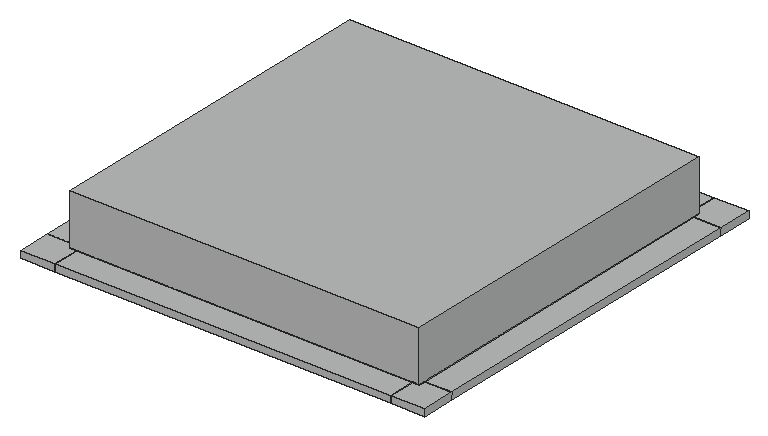
Revit family "ALUMOGIPS", category Осветительные приборы, Revit 2019 (continued)
Types (72, lengths in mm): name | Файл фотометрической сетки | built-in parameter 1150105 | Lumens | built-in parameter 1150106 | built-in parameter 1150142 | Wattage | Emit from Rectangle Width | Emit from Rectangle Length | Длина | Материал светильника | Ширина | ADSK_Ток | ADSK_Полная мощность | ADSK_Обозначение | ADSK_Номинальная мощность | ADSK_Наименование | ADSK_Масса | ADSK_Код изделия
    93 0.493 0.493 0.395 0.395 0.395 0.395 0.395 0.395 0.395 0.395 0.296 0.296 0.296 0.296 0.296 0.296 0.296 0.296 0.197 \r\n0.197 0.197 0.197 0.197 0.197 0.197 0.197 0.098 0.098 0.098 0.098 0.098 0.098 0.098 0.098 0.000 0.000 0.000 0.000 \r\n1417.637 1417.341 1414.085 1408.658 1400.568 1390.010 1377.085 1361.002 1342.947 1322.522 1300.026 1275.261 1248.621 1220.205 1189.817 1157.849 1124.598 1089.670 \r\n1053.460 1016.065 977.881 938.119 898.060 856.917 815.575 773.149 730.722 687.901 644.390 600.877 557.168 513.262 470.046 426.534 383.121 340.497 298.761 257.814 218.151 179.473 \r\n140.501 105.672 72.816 41.835 13.714 0.592 0.592 0.493 0.493 0.493 0.493 0.493 0.493 0.493 0.493 0.395 0.395 0.395 0.395 0.395 0.395 0.395 0.395 0.296 0.296 0.296 0.296 0.296 0.296 0.296 0.296 0.197 \r\n0.197 0.197 0.197 0.197 0.197 0.197 0.197 0.098 0.098 0.098 0.098 0.098 0.098 0.098 0.098 0.000 0.000 0.000 0.000 \r\n1417.637 1417.439 1414.183 1408.855 1400.765 1390.306 1377.381 1361.397 1343.341 1323.015 1300.520 1275.656 1249.114 1220.699 1190.408 1158.440 1125.190 1090.262 \r\n1054.151 1016.755 978.473 938.809 898.750 857.607 816.266 773.839 731.413 688.592 645.080 601.469 557.859 513.854 470.638 427.126 383.615 340.990 299.254 258.209 218.546 179.770 \r\n140.896 105.967 73.013 42.031 13.912 0.592 0.592 0.493 0.493 0.493 0.493 0.493 0.493 0.493 0.493 0.395 0.395 0.395 0.395 0.395 0.395 0.395 0.395 0.296 0.296 0.296 0.296 0.296 0.296 0.296 0.296 0.197 \r\n0.197 0.197 0.197 0.197 0.197 0.197 0.197 0.098 0.098 0.098 0.098 0.098 0.098 0.098 0.098 0.000 0.000 0.000 0.000 \r\n1417.637 1417.439 1414.282 1408.954 1400.963 1390.603 1377.677 1361.792 1343.735 1323.410 1301.014 1276.149 1249.608 1221.291 1191.000 1159.032 1125.782 1090.953 \r\n1054.841 1017.446 979.164 939.500 899.442 858.298 816.957 774.530 732.103 689.184 645.672 602.160 558.451 514.446 471.230 427.619 384.108 341.484 299.649 258.604 218.940 180.165 \r\n141.191 106.264 73.309 42.229 14.208 0.592 0.592 0.493 0.493 0.493 0.493 0.493 0.493 0.493 0.493 0.395 0.395 0.395 0.395 0.395 0.395 0.395 0.395 0.296 0.296 0.296 0.296 0.296 0.296 0.296 0.296 0.197 \r\n0.197 0.197 0.197 0.197 0.197 0.197 0.197 0.098 0.098 0.098 0.098 0.098 0.098 0.098 0.098 0.000 0.000 0.000 0.000 \r\n1417.637 1417.538 1414.380 1409.152 1401.258 1390.898 1378.072 1362.087 1344.130 1323.805 1301.408 1276.643 1250.200 1221.784 1191.593 1159.625 1126.374 1091.545 \r\n1055.433 1018.137 979.855 940.290 900.133 858.988 817.647 775.221 732.794 689.875 646.362 602.851 559.043 515.137 471.822 428.212 384.700 341.977 300.142 259.097 219.335 180.559 \r\n141.487 106.560 73.506 42.525 14.405 0.592 0.592 0.493 0.493 0.493 0.493 0.493 0.493 0.493 0.493 0.395 0.395 0.395 0.395 0.395 0.395 0.395 0.395 0.296 0.296 0.296 0.296 0.296 0.296 0.296 0.296 0.197 \r\n0.197 0.197 0.197 0.197 0.197 0.197 0.197 0.098 0.098 0.098 0.098 0.098 0.098 0.098 0.098 0.000 0.000 0.000 0.000 \r\n1417.637 1417.538 1414.480 1409.250 1401.456 1391.096 1378.367 1362.482 1344.525 1324.200 1301.902 1277.136 1250.693 1222.376 1192.184 1160.315 1127.064 1092.235 \r\n1056.124 1018.828 980.545 940.980 900.823 859.679 818.338 776.010 733.485 690.565 647.054 603.443 559.734 515.728 472.414 428.705 385.193 342.470 300.537 259.492 219.730 180.856 \r\n141.882 106.855 73.802 42.723 14.602 0.592 0.592 0.493 0.493 0.493 0.493 0.493 0.493 0.493 0.493 0.395 0.395 0.395 0.395 0.395 0.395 0.395 0.395 0.296 0.296 0.296 0.296 0.296 0.296 0.296 0.296 0.197 \r\n0.197 0.197 0.197 0.197 0.197 0.197 0.197 0.098 0.098 0.098 0.098 0.098 0.098 0.098 0.098 0.000 0.000 0.000 0.000 \r\n1417.637 1417.637 1414.578 1409.447 1401.653 1391.391 1378.663 1362.877 1344.920 1324.693 1302.395 1277.630 1251.187 1222.968 1192.678 1160.908 1127.657 1092.827 \r\n1056.814 1019.419 981.236 941.671 901.514 860.369 819.028 776.701 734.175 691.256 647.645 604.133 560.326 516.320 473.006 429.297 385.785 342.963 301.030 259.887 220.125 181.249 \r\n142.178 107.152 74.099 42.920 14.800 0.592 0.592 0.493 0.493 0.493 0.493 0.493 0.493 0.493 0.493 0.395 0.395 0.395 0.395 0.395 0.395 0.395 0.395 0.296 0.296 0.296 0.296 0.296 0.296 0.296 0.296 0.197 \r\n0.197 0.197 0.197 0.197 0.197 0.197 0.197 0.098 0.098 0.098 0.098 0.098 0.098 0.098 0.098 0.000 0.000 0.000 0.000 \r\n1417.637 1417.637 1414.677 1409.645 1401.851 1391.688 1378.960 1363.173 1345.314 1325.088 1302.790 1278.123 1251.680 1223.461 1193.269 1161.499 1128.249 1093.518 \r\n1057.406 1020.110 981.926 942.361 902.204 861.159 819.719 777.391 734.867 691.946 648.335 604.726 561.017 516.913 473.598 429.888 386.279 343.458 301.524 260.380 220.519 181.644 \r\n142.474 107.448 74.296 43.216 15.096 0.592 0.592 0.493 0.493 0.493 0.493 0.493 0.493 0.493 0.493 0.395 0.395 0.395 0.395 0.395 0.395 0.395 0.395 0.296 0.296 0.296 0.296 0.296 0.296 0.296 0.296 0.197 \r\n0.197 0.197 0.197 0.197 0.197 0.197 0.197 0.098 0.098 0.098 0.098 0.098 0.098 0.098 0.098 0.000 0.000 0.000 0.000 \r\n1417.637 1417.736 1414.775 1409.743 1402.146 1391.984 1379.355 1363.568 1345.709 1325.482 1303.283 1278.616 1252.272 1224.054 1193.862 1162.091 1128.940 1094.110 \r\n1058.097 1020.801 982.617 943.052 902.994 861.850 820.410 778.082 735.458 692.637 649.027 605.416 561.608 517.504 474.190 430.383 386.772 343.951 301.918 260.775 220.913 181.941 \r\n142.770 107.743 74.592 43.413 15.293 0.592 0.592 0.493 0.493 0.493 0.493 0.493 0.493 0.493 0.493 0.395 0.395 0.395 0.395 0.395 0.395 0.395 0.395 0.296 0.296 0.296 0.296 0.296 0.296 0.296 0.296 0.197 \r\n0.197 0.197 0.197 0.197 0.197 0.197 0.197 0.098 0.098 0.098 0.098 0.098 0.098 0.098 0.098 0.000 0.000 0.000 0.000 \r\n1417.637 1417.736 1414.874 1409.940 1402.344 1392.181 1379.650 1363.962 1346.104 1325.877 1303.776 1279.109 1252.766 1224.547 1194.454 1162.782 1129.531 1094.702 \r\n1058.788 1021.492 983.308 943.742 903.684 862.540 821.100 778.773 736.148 693.327 649.618 606.107 562.298 518.096 474.782 430.974 387.364 344.444 302.412 261.170 221.308 182.335 \r\n143.165 108.040 74.789 43.611 15.490 0.592 0.592 0.493 0.493 0.493 0.493 0.493 0.493 0.493 0.493 0.395 0.395 0.395 0.395 0.395 0.395 0.395 0.395 0.296 0.296 0.296 0.296 0.296 0.296 0.296 0.296 0.197 \r\n0.197 0.197 0.197 0.197 0.197 0.197 0.197 0.098 0.098 0.098 0.098 0.098 0.098 0.098 0.098 0.000 0.000 0.000 0.000 \r\n1417.637 1417.834 1414.973 1410.138 1402.541 1392.477 1379.946 1364.258 1346.499 1326.272 1304.171 1279.603 1253.259 1225.139 1195.045 1163.374 1130.123 1095.393 \r\n1059.478 1022.183 983.999 944.433 904.375 863.231 821.792 779.464 736.840 693.920 650.309 606.699 562.891 518.787 475.374 431.566 387.857 344.937 302.906 261.663 221.703 182.730 \r\n143.461 108.237 75.085 43.906 15.688 0.592 0.592 0.493 0.493 0.493 0.493 0.493 0.493 0.493 0.493 0.395 0.395 0.395 0.395 0.395 0.395 0.395 0.395 0.296 0.296 0.296 0.296 0.296 0.296 0.296 0.296 0.197 \r\n0.197 0.197 0.197 0.197 0.197 0.197 0.197 0.098 0.098 0.098 0.098 0.098 0.098 0.098 0.098 0.000 0.000 0.000 0.000 \r\n1417.637 1417.834 1415.071 1410.237 1402.837 1392.772 1380.243 1364.653 1346.892 1326.765 1304.664 1280.096 1253.752 1225.730 1195.638 1163.965 1130.814 1095.984 \r\n1060.071 1022.873 984.689 945.124 905.066 863.922 822.482 780.154 737.531 694.610 651.000 607.390 563.581 519.379 475.966 432.059 388.350 345.431 303.300 262.058 222.098 183.026 \r\n143.757 108.533 75.282 44.104 15.983 0.592 0.592 0.493 0.493 0.493 0.493 0.493 0.493 0.493 0.493 0.395 0.395 0.395 0.395 0.395 0.395 0.395 0.395 0.296 0.296 0.296 0.296 0.296 0.296 0.296 0.296 0.197 \r\n0.197 0.197 0.197 0.197 0.197 0.197 0.197 0.098 0.098 0.098 0.098 0.098 0.098 0.098 0.098 0.000 0.000 0.000 0.000 \r\n1417.637 1417.932 1415.170 1410.434 1403.034 1393.069 1380.636 1365.048 1347.287 1327.160 1305.157 1280.589 1254.344 1226.225 1196.230 1164.558 1131.406 1096.675 \r\n1060.761 1023.564 985.380 945.815 905.756 864.613 823.173 780.845 738.221 695.301 651.592 608.080 564.174 519.971 476.558 432.652 388.943 345.924 303.794 262.453 222.492 183.420 \r\n144.151 108.829 75.579 44.301 16.181 0.592 0.592 0.493 0.493 0.493 0.493 0.493 0.493 0.493 0.493 0.395 0.395 0.395 0.395 0.395 0.395 0.395 0.395 0.296 0.296 0.296 0.296 0.296 0.296 0.296 0.296 0.197 \r\n0.197 0.197 0.197 0.197 0.197 0.197 0.197 0.098 0.098 0.098 0.098 0.098 0.098 0.098 0.098 0.000 0.000 0.000 0.000 \r\n1417.637 1417.932 1415.268 1410.533 1403.232 1393.365 1380.933 1365.443 1347.682 1327.555 1305.552 1281.082 1254.837 1226.816 1196.821 1165.150 1131.998 1097.267 \r\n1061.452 1024.254 986.070 946.506 906.447 865.401 823.863 781.535 738.912 695.991 652.282 608.672 564.864 520.563 477.150 433.145 389.436 346.417 304.287 262.946 222.887 183.815 \r\n144.448 109.125 75.874 44.597 16.378 0.592 0.592 0.493 0.493 0.493 0.493 0.493 0.493 0.493 0.493 0.395 0.395 0.395 0.395 0.395 0.395 0.395 0.395 0.296 0.296 0.296 0.296 0.296 0.296 0.296 0.296 0.197 \r\n0.197 0.197 0.197 0.197 0.197 0.197 0.197 0.098 0.098 0.098 0.098 0.098 0.098 0.098 0.098 0.000 0.000 0.000 0.000 \r\n1417.637 1418.031 1415.368 1410.730 1403.527 1393.562 1381.229 1365.738 1348.077 1327.949 1306.045 1281.575 1255.331 1227.310 1197.414 1165.841 1132.689 1097.958 \r\n1062.043 1024.846 986.761 947.196 907.137 866.092 824.554 782.226 739.602 696.683 652.973 609.363 565.456 521.155 477.742 433.737 390.028 346.910 304.681 263.341 223.282 184.111 \r\n144.743 109.421 76.072 44.794 16.576 0.592 0.592 0.493 0.493 0.493 0.493 0.493 0.493 0.493 0.493 0.395 0.395 0.395 0.395 0.395 0.395 0.395 0.395 0.296 0.296 0.296 0.296 0.296 0.296 0.296 0.296 0.197 \r\n0.197 0.197 0.197 0.197 0.197 0.197 0.197 0.098 0.098 0.098 0.098 0.098 0.098 0.098 0.098 0.000 0.000 0.000 0.000 \r\n1417.637 1418.031 1415.466 1410.928 1403.725 1393.858 1381.524 1366.133 1348.472 1328.443 1306.440 1282.070 1255.824 1227.901 1198.006 1166.433 1133.280 1098.550 \r\n1062.735 1025.537 987.451 947.887 907.829 866.784 825.244 782.916 740.293 697.373 653.565 610.053 566.147 521.747 478.334 434.328 390.521 347.404 305.175 263.735 223.677 184.506 \r\n145.039 109.717 76.368 44.992 16.871 0.592 0.592 0.493 0.493 0.493 0.493 0.493 0.493 0.493 0.493 0.395 0.395 0.395 0.395 0.395 0.395 0.395 0.395 0.296 0.296 0.296 0.296 0.296 0.296 0.296 0.296 0.197 \r\n0.197 0.197 0.197 0.197 0.197 0.197 0.197 0.098 0.098 0.098 0.098 0.098 0.098 0.098 0.098 0.000 0.000 0.000 0.000 \r\n1417.637 1418.130 1415.565 1411.026 1403.922 1394.154 1381.919 1366.527 1348.866 1328.837 1306.933 1282.563 1256.416 1228.494 1198.597 1167.024 1133.873 1099.241 \r\n1063.425 1026.228 988.143 948.676 908.519 867.474 825.935 783.608 740.983 698.064 654.256 610.646 566.739 522.438 478.926 434.822 391.014 347.897 305.569 264.229 224.072 184.901 \r\n145.434 110.013 76.565 45.288 17.069 0.592 0.592 0.493 0.493 0.493 0.493 0.493 0.493 0.493 0.493 0.395 0.395 0.395 0.395 0.395 0.395 0.395 0.395 0.296 0.296 0.296 0.296 0.296 0.296 0.296 0.296 0.197 \r\n0.197 0.197 0.197 0.197 0.197 0.197 0.197 0.098 0.098 0.098 0.098 0.098 0.098 0.098 0.098 0.000 0.000 0.000 0.000 \r\n1417.637 1418.130 1415.762 1411.223 1404.218 1394.450 1382.216 1366.824 1349.261 1329.231 1307.427 1283.056 1256.910 1228.987 1199.190 1167.616 1134.563 1099.833 \r\n1064.016 1026.918 988.833 949.367 909.308 868.165 826.625 784.298 741.674 698.656 654.946 611.336 567.430 523.030 479.518 435.414 391.606 348.391 306.063 264.623 224.465 185.196 \r\n145.730 110.309 76.861 45.485 17.266 0.592 0.592 0.493 0.493 0.493 0.493 0.493 0.493 0.493 0.493 0.395 0.395 0.395 0.395 0.395 0.395 0.395 0.395 0.296 0.296 0.296 0.296 0.296 0.296 0.296 0.296 0.197 \r\n0.197 0.197 0.197 0.197 0.197 0.197 0.197 0.098 0.098 0.098 0.098 0.098 0.098 0.098 0.098 0.000 0.000 0.000 0.000 \r\n1417.637 1418.229 1415.861 1411.421 1404.415 1394.746 1382.512 1367.219 1349.656 1329.626 1307.821 1283.549 1257.403 1229.579 1199.782 1168.209 1135.155 1100.523 \r\n1064.708 1027.609 989.425 950.057 909.998 868.855 827.317 784.989 742.365 699.347 655.538 611.928 568.021 523.622 480.110 436.006 392.100 348.884 306.556 265.017 224.860 185.591 \r\n146.026 110.605 77.157 45.781 17.464 0.592 0.592 0.493 0.493 0.493 0.493 0.493 0.493 0.493 0.493 0.395 0.395 0.395 0.395 0.395 0.395 0.395 0.395 0.296 0.296 0.296 0.296 0.296 0.296 0.296 0.296 0.197 \r\n0.197 0.197 0.197 0.197 0.197 0.197 0.197 0.098 0.098 0.098 0.098 0.098 0.098 0.098 0.098 0.000 0.000 0.000 0.000 \r\n1417.637 1418.229 1415.960 1411.519 1404.613 1394.943 1382.807 1367.612 1350.051 1330.119 1308.315 1284.043 1257.896 1230.072 1200.275 1168.899 1135.748 1101.116 \r\n1065.398 1028.300 990.115 950.748 910.689 869.644 828.007 785.679 743.056 700.037 656.229 612.619 568.713 524.214 480.702 436.499 392.593 349.377 306.951 265.511 225.255 185.986 \r\n146.421 110.901 77.355 45.978 17.759 0.592 0.592 0.493 0.493 0.493 0.493 0.493 0.493 0.493 0.493 0.395 0.395 0.395 0.395 0.395 0.395 0.395 0.395 0.296 0.296 0.296 0.296 0.296 0.296 0.296 0.296 0.197 \r\n0.197 0.197 0.197 0.197 0.197 0.197 0.197 0.098 0.098 0.098 0.098 0.098 0.098 0.098 0.098 0.000 0.000 0.000 0.000 \r\n1417.637 1418.327 1416.058 1411.716 1404.810 1395.240 1383.202 1367.909 1350.445 1330.514 1308.808 1284.536 1258.488 1230.664 1200.867 1169.491 1136.339 1101.806 \r\n1066.089 1028.991 990.807 951.438 911.381 870.335 828.698 786.370 743.746 700.728 656.920 613.310 569.304 524.806 481.294 437.091 393.185 349.871 307.444 265.905 225.650 186.381 \r\n146.717 111.197 77.650 46.176 17.957 0.592 0.592 0.493 0.493 0.493 0.493 0.493 0.493 0.493 0.493 0.395 0.395 0.395 0.395 0.395 0.395 0.395 0.395 0.296 0.296 0.296 0.296 0.296 0.296 0.296 0.296 0.197 \r\n0.197 0.197 0.197 0.197 0.197 0.197 0.197 0.098 0.098 0.098 0.098 0.098 0.098 0.098 0.098 0.000 0.000 0.000 0.000 \r\n1417.637 1418.327 1416.156 1411.816 1405.106 1395.535 1383.498 1368.304 1350.839 1330.909 1309.203 1285.029 1258.981 1231.256 1201.459 1170.083 1137.030 1102.398 \r\n1066.680 1029.681 991.497 952.129 912.071 871.026 829.388 787.061 744.437 701.418 657.512 613.901 569.995 525.398 481.886 437.585 393.678 350.364 307.938 266.300 226.044 186.676 \r\n147.012 111.493 77.848 46.472 18.154 0.592 0.592 0.493 0.493 0.493 0.493 0.493 0.493 0.493 0.493 0.395 0.395 0.395 0.395 0.395 0.395 0.395 0.395 0.296 0.296 0.296 0.296 0.296 0.296 0.296 0.296 0.197 \r\n0.197 0.197 0.197 0.197 0.197 0.197 0.197 0.098 0.098 0.098 0.098 0.098 0.098 0.098 0.098 0.000 0.000 0.000 0.000 \r\n1417.637 1418.426 1416.255 1412.013 1405.303 1395.831 1383.794 1368.698 1351.234 1331.304 1309.696 1285.522 1259.474 1231.750 1202.051 1170.675 1137.622 1103.089 \r\n1067.372 1030.273 992.188 952.820 912.762 871.716 830.079 787.751 745.127 702.109 658.202 614.593 570.587 526.088 482.478 438.177 394.171 350.857 308.332 266.793 226.439 187.071 \r\n147.309 111.690 78.144 46.670 18.451 0.592 0.592 0.493 0.493 0.493 0.493 0.493 0.493 0.493 0.493 0.395 0.395 0.395 0.395 0.395 0.395 0.395 0.395 0.296 0.296 0.296 0.296 0.296 0.296 0.296 0.296 0.197 \r\n0.197 0.197 0.197 0.197 0.197 0.197 0.197 0.098 0.098 0.098 0.098 0.098 0.098 0.098 0.098 0.000 0.000 0.000 0.000 \r\n1417.637 1418.426 1416.354 1412.211 1405.501 1396.029 1384.090 1369.093 1351.629 1331.797 1310.189 1286.016 1259.968 1232.341 1202.643 1171.366 1138.214 1103.680 \r\n1068.062 1030.964 992.878 953.511 913.452 872.407 830.770 788.442 745.818 702.799 658.893 615.283 571.179 526.680 483.070 438.769 394.763 351.350 308.826 267.188 226.834 187.466 \r\n147.703 111.987 78.440 46.866 18.648 0.592 0.592 0.493 0.493 0.493 0.493 0.493 0.493 0.493 0.493 0.395 0.395 0.395 0.395 0.395 0.395 0.395 0.395 0.296 0.296 0.296 0.296 0.296 0.296 0.296 0.296 0.197 \r\n0.197 0.197 0.197 0.197 0.197 0.197 0.197 0.098 0.098 0.098 0.098 0.098 0.098 0.098 0.098 0.000 0.000 0.000 0.000 \r\n1417.637 1418.525 1416.453 1412.309 1405.796 1396.325 1384.485 1369.388 1352.024 1332.192 1310.584 1286.509 1260.560 1232.835 1203.235 1171.958 1138.905 1104.371 \r\n1068.654 1031.655 993.569 954.202 914.143 873.098 831.460 789.133 746.410 703.392 659.485 615.874 571.870 527.273 483.662 439.262 395.257 351.844 309.319 267.583 227.229 187.762 \r\n148.000 112.282 78.637 47.163 18.845 0.592 0.592 0.493 0.493 0.493 0.493 0.493 0.493 0.493 0.493 0.395 0.395 0.395 0.395 0.395 0.395 0.395 0.395 0.296 0.296 0.296 0.296 0.296 0.296 0.296 0.296 0.197 \r\n0.197 0.197 0.197
